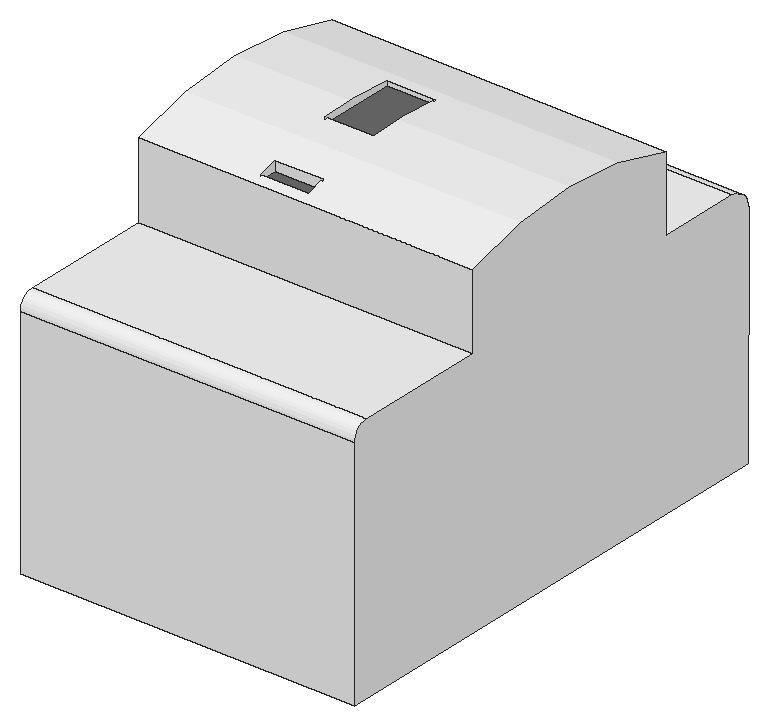
Revit family "Power-ModularDevices-GEWISS-90RCD-BD_4P", category Apparecchi elettrici, host Superficie, Revit 2016
Family settings
  Host = Superficie
  Mantenere orientamento annotazione = Sì
  Tipo di parte = Normale
  Quota connettore circolare = Usa diametro
  Numero OmniClass = 23.80.30.14
  Titolo OmniClass = Power Distribution
  Taglio con vuoti quando caricato = No
  Condiviso = Sì
  Punto di calcolo locali = Sì
Parameters (values of type "GW94586 - ADD-ON RCD 4P IN 63A IMMUN.A/0,03 3,5M")
  Voltaggio = 400 V
  Vista di pianta [instance] = yes
  Version file RFA = "19.0"
  URL = "https://www.gewiss.com/ww/en"
  Type: = "A[IR]"
  Type = "A(IR)"
  Technical sheet = "https://www.gewiss.com/ww/en/search?q=GW94586"
  Stocking temperature = "-40 +70 °C"
  Standard; = "IEC/EN 61009-1 app. G, IEC/EN 61009-2-1 app. G"
  Standard = "EN 61009-1 app. G"
  Spessore = 65 mm
  Section rigid cable = "Max 35 mm²"
  Section flexible cable = "Max 35 mm²"
  SEO = "Add-on RCD"
  Realized by GEWISS S.p.A. = ""
  Rated voltage (IEC/EN 61009-1 app. G, IEC/EN 61009-2-1 app. G) = "400 V"
  Rated voltage = "400V"
  Rated tightening torque = "2 Nm"
  Rated residual operating current = "30 mA"
  Rated insulation voltage (Ui) = "500V"
  Rated impulse withstand voltage = "4KV"
  Rated frequency (Hz) = "50/60 Hz"
  Rated current: = "63A"
  Rated current (In) = "63A"
  Default Elevation = 1219.2 mm
  Produttore = "GEWISS S.p.A."
  Precision = "30 mA"
  Overvoltage category = "III"
  Operating temperature = "-25 +40 °C"
  Numero di poli_ = 3
  Number of poles = "4P"
  No. of poles = "4P"
  No. of modules EN 50022 = "3,5"
  No. modules = "3.5"
  Modello = "GW94586"
  Level of immunity (8/20 Âµs) = "3000A"
  Larghezza = 62.5 mm
  Label = "BD"
  Interuttore = GW - grigio scuro
  Insulation voltage = "500V"
  Immagine tipo = GW94422.jpg
  Idn = "30MA"
  IFC.TypeObject = ""
  IFC.ExportType = ""
  IFC.ExportAs = ""
  IDT = "81288dbc-dadc-492b-b373-efecdfa46d50"
  IDF = "082c326d-ec31-435a-99dd-72dc6559ea0f"
  Finitura = GW - grigio chiaro
  Electrocod = "1412"
  EAN code = "8011564761995"
  Distanza dal piano [instance] = 3 mm
  Descrizione = "ADD-ON RCD 4P IN<63A IMMUN.A/0,03 3,5M"
  Description = "RESIDUAL CURRENT DEVICE"
  Catalogue Range = "90 RCD"
  Catalogue = "POWER"
  Carico apparente = 0 VA
  Parti incassate = yes
  COBie.Tagnumber = ""
  COBie.CreatedOn = ""
  COBie.CreatebBy = ""
  COBie.ComponentRegisterItemID = ""
  COBie.Component.TagNumber = ""
  COBie.Component.Space = ""
  COBie.Component.SerialNumber = ""
  COBie.Component.InstallationDate = ""
  COBie.Component.Description = ""
  COBie.Component.BarCode = ""
  Assembly position: = "Any"
  Altezza = 92 mm
Types (16, lengths in mm): name | URL | Type: | Type | Technical sheet | Rated residual operating current | Rated current: | Rated current (In) | Produttore | Precision | Modello | Level of immunity (8/20 Âµs) | Immagine tipo | Idn | IDT | EAN code | Descrizione
  (no name) | 0 | "" | "" | "" | "" | "" | "" | 0 | "" | 0 | "" | GW94422.jpg | "" | "" | "" | 0
  GW94422 - ADD-ON RCD 4P IN 25A ISTANT.AC/0,03 3,5M | "https://www.gewiss.com/ww/en" | "AC" | "AC" | "https://www.gewiss.com/ww/en/search?q=GW94422" | "30 mA" | "25A" | "25A" | "GEWISS S.p.A." | "30 mA" | "GW94422" | "250A" | GW94422.jpg | "30MA" | "ffda73f9-eb42-4a50-9245-615fd663c5cf" | "8011564061422" | "ADD-ON RCD 4P IN<25A ISTANT.AC/0,03 3,5M"
  GW94423 - ADD-ON RCD 4P IN 25A ISTANT.AC/0,3 3,5M | "https://www.gewiss.com/ww/en" | "AC" | "AC" | "https://www.gewiss.com/ww/en/search?q=GW94423" | "300 mA" | "25A" | "25A" | "GEWISS S.p.A." | "300 mA" | "GW94423" | "250A" | GW94422.jpg | "300MA" | "419da07e-2e95-43cb-9489-5e7763904737" | "8011564061439" | "ADD-ON RCD 4P IN<25A ISTANT.AC/0,3 3,5M"
  GW94424 - ADD-ON RCD 4P IN 25A ISTANT.AC/0,5 3,5M | "https://www.gewiss.com/ww/en" | "AC" | "AC" | "https://www.gewiss.com/ww/en/search?q=GW94424" | "500 mA" | "25A" | "25A" | "GEWISS S.p.A." | "500 mA" | "GW94424" | "250A" | (empty or 0) | "500MA" | "beb09ae4-1140-4aae-9ae5-8d6d0f1a0bfe" | "8011564061446" | "ADD-ON RCD 4P IN<25A ISTANT.AC/0,5 3,5M"
  GW94432 - ADD-ON RCD 4P IN 63A ISTANT.AC/0,03 3,5M | "https://www.gewiss.com/ww/en" | "AC" | "AC" | "https://www.gewiss.com/ww/en/search?q=GW94432" | "30 mA" | "63A" | "63A" | "GEWISS S.p.A." | "30 mA" | "GW94432" | "250A" | GW94422.jpg | "30MA" | "c2d40943-700e-4f5a-a1d4-ed1a95a4ed34" | "8011564061453" | "ADD-ON RCD 4P IN<63A ISTANT.AC/0,03 3,5M"
  GW94433 - ADD-ON RCD 4P IN 63A ISTANT.AC/0,3 3,5M | "https://www.gewiss.com/ww/en" | "AC" | "AC" | "https://www.gewiss.com/ww/en/search?q=GW94433" | "300 mA" | "63A" | "63A" | "GEWISS S.p.A." | "300 mA" | "GW94433" | "250A" | GW94422.jpg | "300MA" | "016e1188-bd65-4d61-885e-c921cca0ae3e" | "8011564061460" | "ADD-ON RCD 4P IN<63A ISTANT.AC/0,3 3,5M"
  GW94434 - ADD-ON RCD 4P IN 63A ISTANT.AC/0,5 3,5M | "https://www.gewiss.com/ww/en" | "AC" | "AC" | "https://www.gewiss.com/ww/en/search?q=GW94434" | "500 mA" | "63A" | "63A" | "GEWISS S.p.A." | "500 mA" | "GW94434" | "250A" | GW94422.jpg | "500MA" | "57abf37f-0558-4ff4-88d9-e1cc1a91d893" | "8011564061484" | "ADD-ON RCD 4P IN<63A ISTANT.AC/0,5 3,5M"
  GW94522 - ADD-ON RCD 4P IN 25A ISTANT.A/0,03 3,5M | "https://www.gewiss.com/ww/en" | "A" | "A" | "https://www.gewiss.com/ww/en/search?q=GW94522" | "30 mA" | "25A" | "25A" | "GEWISS S.p.A." | "30 mA" | "GW94522" | "250A" | GW94422.jpg | "30MA" | "80666be0-f507-47ce-8447-fa477bd4f9cb" | "8011564061644" | "ADD-ON RCD 4P IN<25A ISTANT.A/0,03 3,5M"
  GW94523 - ADD-ON RCD 4P IN 25A ISTANT.A/0,3 3,5M | "https://www.gewiss.com/ww/en" | "A" | "A" | "https://www.gewiss.com/ww/en/search?q=GW94523" | "300 mA" | "25A" | "25A" | "GEWISS S.p.A." | "300 mA" | "GW94523" | "250A" | GW94422.jpg | "300MA" | "a343702c-6ad3-45c6-a17d-1368c22e77af" | "8011564061651" | "ADD-ON RCD 4P IN<25A ISTANT.A/0,3 3,5M"
  GW94524 - ADD-ON RCD 4P IN 25A ISTANT.A/0,5 3,5M | "https://www.gewiss.com/ww/en" | "A" | "A" | "https://www.gewiss.com/ww/en/search?q=GW94524" | "500 mA" | "25A" | "25A" | "GEWISS S.p.A." | "500 mA" | "GW94524" | "250A" | GW94422.jpg | "500MA" | "b1d7fb33-653a-4904-b81f-af647de7c7a0" | "8011564061668" | "ADD-ON RCD 4P IN<25A ISTANT.A/0,5 3,5M"
  GW94532 - ADD-ON RCD 4P IN 63A ISTANT.A/0,03 3,5M | "https://www.gewiss.com/ww/en" | "A" | "A" | "https://www.gewiss.com/ww/en/search?q=GW94532" | "30 mA" | "63A" | "63A" | "GEWISS S.p.A." | "30 mA" | "GW94532" | "250A" | GW94422.jpg | "30MA" | "34abd69e-c9f3-4639-b482-11d9e2ba72c4" | "8011564061675" | "ADD-ON RCD 4P IN<63A ISTANT.A/0,03 3,5M"
  GW94533 - ADD-ON RCD 4P IN 63A ISTANT.A/0,3 3,5M | "https://www.gewiss.com/ww/en" | "A" | "A" | "https://www.gewiss.com/ww/en/search?q=GW94533" | "300 mA" | "63A" | "63A" | "GEWISS S.p.A." | "300 mA" | "GW94533" | "250A" | GW94422.jpg | "300MA" | "ac8216a0-ce5e-44c6-a4f9-3dfed9590aa9" | "8011564061682" | "ADD-ON RCD 4P IN<63A ISTANT.A/0,3 3,5M"
  GW94534 - ADD-ON RCD 4P IN 63A ISTANT.A/0,5 3,5M | "https://www.gewiss.com/ww/en" | "A" | "A" | "https://www.gewiss.com/ww/en/search?q=GW94534" | "500 mA" | "63A" | "63A" | "GEWISS S.p.A." | "500 mA" | "GW94534" | "250A" | GW94422.jpg | "500MA" | "47cd3d39-bc49-41d8-b4b5-0a728f0d1048" | "8011564061699" | "ADD-ON RCD 4P IN<63A ISTANT.A/0,5 3,5M"
  GW94586 - ADD-ON RCD 4P IN 63A IMMUN.A/0,03 3,5M | "https://www.gewiss.com/ww/en" | "A[IR]" | "A(IR)" | "https://www.gewiss.com/ww/en/search?q=GW94586" | "30 mA" | "63A" | "63A" | "GEWISS S.p.A." | "30 mA" | "GW94586" | "3000A" | GW94422.jpg | "30MA" | "81288dbc-dadc-492b-b373-efecdfa46d50" | "8011564761995" | "ADD-ON RCD 4P IN<63A IMMUN.A/0,03 3,5M"
  GW94583 - ADD-ON RCD 4P IN 63A SELECT.A/0,3 3,5M | "https://www.gewiss.com/ww/en" | "A[S]" | "A(S)" | "https://www.gewiss.com/ww/en/search?q=GW94583" | "300 mA" | "63A" | "63A" | "GEWISS S.p.A." | "300 mA" | "GW94583" | "3000A" | GW94422.jpg | "300MA" | "d8d2923f-5af2-4420-9672-73cb07a2e531" | "8011564061729" | "ADD-ON RCD 4P IN<63A SELECT.A/0,3 3,5M"
  GW94585 - ADD-ON RCD 4P IN 63A SELECT.A/1 3,5M | "https://www.gewiss.com/ww/en" | "A[S]" | "A(S)" | "https://www.gewiss.com/ww/en/search?q=GW94585" | "1000 mA" | "63A" | "63A" | "GEWISS S.p.A." | "1000 mA" | "GW94585" | "3000A" | GW94422.jpg | "1000MA" | "8d82b66d-e0fb-47b8-8564-ac084beb9154" | "8011564061750" | "ADD-ON RCD 4P IN<63A SELECT.A/1 3,5M"
Values of the unnamed type that differ from the named types
  Version file RFA = ""
  Stocking temperature = ""
  Standard; = ""
  Standard = ""
  Section rigid cable = ""
  Section flexible cable = ""
  SEO = ""
  Rated voltage (IEC/EN 61009-1 app. G, IEC/EN 61009-2-1 app. G) = ""
  Rated voltage = ""
  Rated tightening torque = ""
  Rated insulation voltage (Ui) = ""
  Rated impulse withstand voltage = ""
  Rated frequency (Hz) = ""
  Overvoltage category = ""
  Operating temperature = ""
  Number of poles = ""
  No. of poles = ""
  No. of modules EN 50022 = ""
  No. modules = ""
  Label = ""
  Insulation voltage = ""
  IDF = ""
  Electrocod = ""
  Description = ""
  Catalogue Range = ""
  Catalogue = ""
  Assembly position: = ""
Reference planes
  plane 1 "Centro (Fronte/Retro)": y = 0
  plane 2: z = 0
  plane 3 "Centro (Sinistra/Destra)": x = 0
  plane 4: x = -31.25
  plane 5: x = 31.25
  plane 6: y = 46
  plane 7: y = -46
  plane 8 "fori": z = -7
  plane 9: y = 12.873
  plane 10: y = -1.504
  plane 11 "scritta": z = 11.026
  plane 12: z = 14.66
  plane 13: z = 9.771
  plane 14: z = 6.888
  plane 15: y = -16.609
  plane 16: y = -13.274
  plane 17: x = -9.843
  plane 18: x = -0.847
  plane 19: y = 26.682
  plane 20: y = -18.318
  plane 21: z = 5.384
  plane 22: z = -53.775
  plane 23: z = -10
Forms (mm)
  Extrusion 1, solid, material "GW - grigio chiaro" <- "Finitura"
    sketch origin (0, 0, 13.225) x (0, 1, 0) y (0, 0, 1)
      loop
        line (42.093, -20.225) -> (26.682, -20.225) -> (26.682, -6.138)
        arc (26.682, -6.138) -> (4.182, -2.199) -> (-18.318, -6.137) r 66.237
        line (-18.318, -6.137) -> (-18.318, -20.225) -> (-43.176, -20.225)
        arc (-43.176, -20.225) -> (-45.173, -21.052) -> (-46, -23.049) r 2.824
        line (-46, -23.049) -> (-46, -67) -> (46, -67) -> (46, -24.132)
        arc (46, -24.132) -> (44.856, -21.369) -> (42.093, -20.225) r 3.907
    from -31.25 to 31.25
  Extrusion 2, void
    sketch origin (0, 0, 11.026) x (0, -1, 0) y (1, 0, 0)
      loop
        line (-12.873, -9.843) -> (1.504, -9.843) -> (1.504, -0.847) -> (-12.873, -0.847) -> (-12.873, -9.843)
    from -15.642 to 3.634
  Extrusion 3, solid, material "GW - grigio scuro" <- "Interuttore"
    sketch origin (0, 0, 11.026) x (0, -1, 0) y (1, 0, 0)
      loop
        line (1.504, -9.843) -> (1.504, -0.847) -> (-12.873, -0.847) -> (-12.873, -9.843) -> (1.504, -9.843)
    from -5.642 to -1.255
  Extrusion 4, void
    sketch origin (0, 0, 11.026) x (0, -1, 0) y (1, 0, 0)
      loop
        line (13.274, -9.843) -> (16.609, -9.843) -> (16.609, -0.847) -> (13.274, -0.847) -> (13.274, -9.843)
    from -5.642 to 3.634
  Extrusion 5, solid, material "GW - grigio scuro" <- "Interuttore"
    sketch origin (0, 0, 11.026) x (0, -1, 0) y (1, 0, 0)
      loop
        line (16.609, -9.843) -> (16.609, -0.847) -> (13.274, -0.847) -> (13.274, -9.843) -> (16.609, -9.843)
    from -5.642 to -4.139
Cuts and joins
  Extrusion 2, Extrusion 4 cuts Extrusion 1
Lines and regions (mm)
  Masking region 1, visible <- "Vista di pianta"
    outline origin (0, 0, 0) x (1, 0, 0) y (0, 0, 1)
      loop
        line (-31.25, -53.775) -> (31.25, -53.775) -> (31.25, 11.026) -> (-31.25, 11.026) -> (-31.25, -53.775)
  Masking region 2, visible <- "Vista di pianta"
    outline origin (0, 0, 0) x (1, 0, 0) y (0, 0, 1)
      loop
        line (-100.278, -22.273) -> (-31.25, -22.273) -> (-31.25, -7) -> (-100.278, -7) -> (-100.278, -22.273)
  symbolic lines, style "InvisibleLines"
    curve 1: line (0, -43.176, -7) -> (0, 42.093, -7)
  model lines
    curve 2: circle (-6.844, -30.866, -7) r 4.53 normal (0, 0, -1)
    curve 3: circle (7.365, -30.866, -7) r 4.53 normal (0, 0, -1)
    curve 4: circle (21.575, -30.866, -7) r 4.53 normal (0, 0, -1)
    curve 5: circle (-21.052, -30.866, -7) r 4.53 normal (0, 0, -1)
    curve 6: circle (-21.052, -30.866, -7) r 4.53 normal (0, 0, -1)
Dimensions and locks
  equal spacing: plane 6, plane 1 "Centro (Fronte/Retro)", plane 7
  equal spacing: plane 4, plane 3 "Centro (Sinistra/Destra)", plane 5
  "Larghezza": plane 4 to plane 5
  "Altezza": plane 6 to plane 7
  Extrusion 3 to plane 3 "Centro (Sinistra/Destra)" = 0.847 mm
  "Distanza dal piano": plane 8 "fori" to plane 23
  plane 8 "fori" to plane 21 to plane 14 to plane 13 = 12.384 mm locked, 1.504 mm locked, 2.884 mm locked
  locked: plane 13 to plane 22 at 63.546
  locked: plane 12 to plane 8 "fori" at 21.66
  locked: plane 11 "scritta" to plane 22 at 64.801
  locked: plane 2 to plane 23 at 10
  aligned and locked: plane 2 to host face
  aligned and locked: level to host face
  aligned and locked: Extrusion 1 to plane 4
  aligned and locked: plane 5 to Extrusion 1
  aligned and locked: Extrusion 1 to Extrusion 1
  aligned and locked: plane 13 to Extrusion 3
  aligned and locked: Extrusion 5 to plane 14
  aligned and locked: nested 1 to plane 3 "Centro (Sinistra/Destra)"
  aligned and locked: nested 1 to plane 6
  aligned and locked: plane 17 to nested 1
  aligned and locked: plane 9 to nested 1
  aligned and locked: plane 10 to nested 1
  aligned and locked: Extrusion 2 to nested 1  (x2)
  aligned and locked: Extrusion 3 to cut or joined group of Extrusion 1, Extrusion 2, Extrusion 4  (x2)
  aligned and locked: plane 19 to nested 1
  aligned and locked: plane 20 to nested 1
  aligned and locked: plane 16 to nested 1
  aligned and locked: plane 15 to nested 1
  aligned and locked: Extrusion 4 to plane 15
  aligned and locked: plane 21 to Extrusion 5
  aligned and locked: plane 21 to cut or joined group of Extrusion 1, Extrusion 2, Extrusion 4
  aligned and locked: plane 14 to Extrusion 5
  aligned and locked: Extrusion 3 to plane 13
  aligned and locked: plane 22 to cut or joined group of Extrusion 1, Extrusion 2, Extrusion 4
  aligned and locked: cut or joined group of Extrusion 1, Extrusion 2, Extrusion 4 to plane 8 "fori"  (x5)
  aligned and locked: plane 8 "fori" to curve 1
  aligned and locked: plane 12 to Extrusion 2
  aligned and locked: plane 21 to Extrusion 3
  aligned and locked: Extrusion 5 to plane 21  (x2)
  aligned and locked: Extrusion 2 to Extrusion 4
  aligned and locked: Masking region 1 sketch curve to cut or joined group of Extrusion 1, Extrusion 2, Extrusion 4
  aligned and locked: Masking region 1 sketch curve to plane 11 "scritta"
  aligned and locked: cut or joined group of Extrusion 1, Extrusion 2, Extrusion 4 to Masking region 1 sketch curve
  aligned and locked: cut or joined group of Extrusion 1, Extrusion 2, Extrusion 4 to Masking region 2 sketch curve
  aligned and locked: Masking region 1 to plane 22
  aligned and locked: Masking region 1 to plane 11 "scritta"
  aligned and locked: Masking region 2 to plane 8 "fori"
Automatic sketch dimensions
  host sketch curve to host sketch curve = 2438.4 mm  (x2)
  plane 7 to curve 1 = 2.824 mm
  curve 1 to plane 6 = 3.907 mm
  curve 5 to curve 6 = 0 mm  (x2)
  curve 4 to plane 5 = 9.675 mm
  curve 4 to plane 20 = 12.549 mm
  curve 3 to plane 20 = 12.549 mm
  curve 2 to plane 18 = 5.996 mm
  curve 2 to plane 20 = 12.549 mm
  curve 6 to plane 20 = 12.549 mm
  curve 5 to plane 17 = 11.21 mm
  plane 9 to Extrusion 2 sketch curve = 0 mm
  plane 10 to Extrusion 2 sketch curve = 0 mm
  Extrusion 2 sketch curve to plane 17 = 0 mm
  Extrusion 2 sketch curve to plane 18 = 0 mm
  plane 9 to Extrusion 3 sketch curve = 0 mm
  plane 10 to Extrusion 3 sketch curve = 0 mm
  Extrusion 3 sketch curve to plane 17 = 0 mm
  Extrusion 3 sketch curve to plane 18 = 0 mm
  Extrusion 4 sketch curve to plane 16 = 0 mm
  Extrusion 4 sketch curve to plane 15 = 0 mm
  Extrusion 4 sketch curve to plane 17 = 0 mm
  Extrusion 4 sketch curve to plane 18 = 0 mm
  Extrusion 5 sketch curve to plane 16 = 0 mm
  Extrusion 5 sketch curve to plane 15 = 0 mm
  Extrusion 5 sketch curve to plane 17 = 0 mm
  Extrusion 5 sketch curve to plane 18 = 0 mm
  plane 22 to Masking region 1 sketch curve = 0 mm
  Masking region 2 sketch curve to plane 4 = 0 mm
  plane 8 "fori" to Masking region 2 sketch curve = 15.273 mm
  Masking region 2 sketch curve to plane 4 = 69.028 mm
  Extrusion 1 sketch curve to plane 7 = 0 mm
  plane 8 "fori" to Extrusion 1 sketch curve = 0 mm  (x2)
  Extrusion 1 sketch curve to plane 20 = 0 mm
  Extrusion 1 sketch curve to plane 19 = 0 mm
  Extrusion 1 sketch curve to plane 6 = 0 mm
  Extrusion 1 sketch curve to plane 22 = 0 mm
  Extrusion 1 sketch curve to Extrusion 1 sketch curve = 2.824 mm
  Extrusion 1 sketch curve to plane 22 = 1.436 mm
  Extrusion 1 sketch curve to plane 1 "Centro (Fronte/Retro)" = 4.182 mm
  Extrusion 1 sketch curve to plane 6 = 3.907 mm
  Extrusion 1 sketch curve to plane 14 = 0.2 mm
  plane 3 "Centro (Sinistra/Destra)" to curve 3 = 7.365 mm
  radius of curve 6 = 4.53 mm
  radius of curve 3 = 4.53 mm
  radius of curve 4 = 4.53 mm
  radius of curve 2 = 4.53 mm
  radius of curve 5 = 4.53 mm
Nested families
  nested 1: "BD BLOCCO DIFF 4P" at (0, 2.333, 11.026) x (1, 0, 0) z (0, 0, -1), Bidimensionale completo <- "Parti incassate", type "BIDIMENSIONALE"
    with Bidimensionale completo yes
Definition of nested family "BD BLOCCO DIFF 4P"
  Parameters (values of type "BIDIMENSIONALE")
    Bidimensionale completo [instance] = yes
  Reference planes
    plane 1 "Centro (Fronte/Retro)": y = 0
    plane 2: z = 0
    plane 3 "Centro (Sinistra/Destra)": x = 0
    plane 4: y = 43.667
    plane 5: y = -48.333
  Lines and regions (mm)
    model lines, in view "Livello rif.", visible <- "Bidimensionale completo"
      curve 1: line (-31.25, 43.667, 0) -> (31.25, 43.667, 0)
      curve 3: line (-31.25, -46.356, 0) -> (31.25, -46.356, 0)
      curve 29: line (-31.25, -40.261, 0) -> (-82.884, -40.261, 0)
      curve 30: line (31.25, -48.333, 0) -> (-82.884, -48.333, 0)
      curve 33: line (31.25, -48.333, 0) -> (31.25, -46.356, 0)
      curve 37: line (-82.884, -40.261, 0) -> (-82.884, -48.333, 0)
      curve 38: line (-78.239, -33.105, 0) -> (-78.57, -40.261, 0)
      curve 39: line (-69.982, -33.072, 0) -> (-71.41, -31.728, 0)
      curve 40: line (-69.982, -33.072, 0) -> (-69.551, -40.261, 0)
      curve 41: line (-76.809, -31.728, 0) -> (-78.239, -33.105, 0)
      curve 42: line (-76.809, -31.728, 0) -> (-71.41, -31.728, 0)
      curve 47: line (-44.019, -33.104, 0) -> (-44.351, -40.261, 0)
      curve 48: line (-35.763, -33.072, 0) -> (-37.191, -31.728, 0)
      curve 49: line (-35.763, -33.072, 0) -> (-35.329, -40.261, 0)
      curve 50: line (-42.591, -31.728, 0) -> (-44.019, -33.104, 0)
      curve 51: line (-42.591, -31.728, 0) -> (-37.191, -31.728, 0)
      curve 59: line (-60.845, -33.157, 0) -> (-61.176, -40.261, 0)
      curve 60: line (-52.589, -33.125, 0) -> (-54.018, -31.78, 0)
      curve 61: line (-52.589, -33.125, 0) -> (-52.162, -40.261, 0)
      curve 62: line (-59.416, -31.78, 0) -> (-60.845, -33.157, 0)
      curve 63: line (-59.416, -31.78, 0) -> (-54.018, -31.78, 0)
    model lines, in view "Livello rif."
      curve 2: line (-31.25, 24.349, 0) -> (-31.25, -20.651, 0)
      curve 36: line (31.25, 24.349, 0) -> (31.25, -20.651, 0)
      curve 75: line (-31.25, 24.349, 0) -> (31.25, 24.349, 0)
      curve 76: line (-31.25, -20.651, 0) -> (31.25, -20.651, 0)
    model lines, in view "Livello rif.", visible <- "Bidimensionale completo", detail levels medium+fine
      curve 4: line (-32.454, 35.248, 0) -> (-32.454, 31.927, 0)
      curve 5: line (-32.454, 35.248, 0) -> (-31.25, 35.248, 0)
      curve 6: line (-32.454, 31.927, 0) -> (-31.25, 31.927, 0)
      curve 13: line (-26.053, 46.184, 0) -> (-37.317, 46.184, 0)
      curve 14: line (-26.053, 46.184, 0) -> (-26.01, 43.667, 0)
      curve 15: line (-37.317, 46.184, 0) -> (-37.389, 43.209, 0)
      curve 16: line (-36.424, 43.209, 0) -> (-37.389, 43.209, 0)
      curve 17: line (-36.424, 43.209, 0) -> (-34.921, 37.669, 0)
      curve 18: line (-34.921, 37.669, 0) -> (-33.339, 39.175, 0)
      curve 19: line (-33.339, 39.175, 0) -> (-34.059, 39.913, 0)
      curve 20: line (-34.059, 39.913, 0) -> (-34.204, 43.797, 0)
      curve 21: line (-30.083, 43.797, 0) -> (-34.204, 43.797, 0)
      curve 22: line (-26.041, -51.705, 0) -> (-26.041, -48.333, 0)
      curve 23: line (-26.041, -51.705, 0) -> (-31.218, -51.742, 0)
      curve 24: line (-31.218, -51.742, 0) -> (-31.218, -48.333, 0)
      curve 25: line (-29.654, -50.826, 0) -> (-29.654, -48.333, 0)
      curve 26: line (-27.716, -50.813, 0) -> (-27.716, -48.333, 0)
      curve 27: line (-27.716, -50.813, 0) -> (-29.654, -50.826, 0)
      curve 28: line (-31.949, -48.333, 0) -> (-31.949, -52.959, 0)
      curve 31: line (-31.949, -52.959, 0) -> (-33.56, -52.959, 0)
      curve 32: line (-33.56, -52.959, 0) -> (-33.56, -48.333, 0)
      curve 34: line (-19.596, -48.333, 0) -> (-19.596, -46.356, 0)
      curve 35: line (-24.556, -48.333, 0) -> (-24.556, -46.356, 0)
      curve 43: line (-80.089, -38.664, 0) -> (-78.496, -38.664, 0)
      curve 44: line (-69.647, -38.664, 0) -> (-68.318, -38.664, 0)
      curve 45: line (-68.318, -38.664, 0) -> (-67.436, -40.261, 0)
      curve 46: line (-80.089, -38.664, 0) -> (-80.938, -40.261, 0)
      curve 52: line (-45.871, -38.664, 0) -> (-44.277, -38.664, 0)
      curve 53: line (-35.426, -38.664, 0) -> (-34.099, -38.664, 0)
      curve 54: line (-34.099, -38.664, 0) -> (-33.217, -40.261, 0)
      curve 55: line (-45.871, -38.664, 0) -> (-46.718, -40.261, 0)
      curve 56: line (-59.416, -29.268, 0) -> (-54.143, -29.268, 0)
      curve 57: line (-59.416, -29.268, 0) -> (-59.416, -31.78, 0)
      curve 58: line (-54.143, -29.268, 0) -> (-54.143, -31.78, 0)
      curve 64: line (-62.695, -38.716, 0) -> (-61.104, -38.716, 0)
      curve 65: line (-52.254, -38.716, 0) -> (-50.728, -38.716, 0)
      curve 66: line (-50.925, -38.716, 0) -> (-50.043, -40.314, 0)
      curve 67: line (-62.695, -38.716, 0) -> (-63.516, -40.261, 0)
      curve 68: line (-62.695, -38.716, 0) -> (-62.695, -35.669, 0)
      curve 69: line (-62.695, -35.669, 0) -> (-60.962, -35.669, 0)
      curve 70: line (-52.481, -35.669, 0) -> (-50.728, -35.669, 0)
      curve 71: line (-50.728, -38.716, 0) -> (-50.728, -35.669, 0)
      curve 72: line (-58.269, -31.177, 0) -> (-55.221, -31.177, 0)
      curve 73: line (-55.221, -31.177, 0) -> (-55.221, -31.78, 0)
      curve 74: line (-58.269, -31.177, 0) -> (-58.269, -31.78, 0)
      curve 84: line (-9.843, -25.526, 0) -> (-0.847, -25.526, 0)
      curve 85: line (-9.843, -22.501, 0) -> (-0.847, -22.501, 0)
      curve 86: line (-0.847, -22.501, 0) -> (-0.847, -25.526, 0)
      curve 87: line (-9.843, -22.501, 0) -> (-9.843, -25.526, 0)
      curve 90: line (-30.108, 46.124, 0) -> (-30.081, 43.667, 0)
      curve 91: line (-33.645, 46.184, 0) -> (-33.701, 43.797, 0)
      curve 92: line (-18.24, -37.729, 0) -> (-22.769, -33.2, 0)
      curve 93: line (-13.712, -33.2, 0) -> (-18.24, -37.729, 0)
      curve 94: line (-18.24, -28.67, 0) -> (-13.712, -33.2, 0)
      curve 95: line (-22.769, -33.2, 0) -> (-18.24, -28.67, 0)
      curve 96: line (-4.031, -37.729, 0) -> (-8.56, -33.2, 0)
      curve 97: line (0.498, -33.2, 0) -> (-4.031, -37.729, 0)
      curve 98: line (-4.031, -28.67, 0) -> (0.498, -33.2, 0)
      curve 99: line (-8.56, -33.2, 0) -> (-4.031, -28.67, 0)
      curve 100: line (-4.031, -36.536, 0) -> (-7.367, -33.2, 0)
      curve 101: line (-0.695, -33.2, 0) -> (-4.031, -36.536, 0)
      curve 102: line (-4.031, -29.863, 0) -> (-0.695, -33.2, 0)
      curve 103: line (-7.367, -33.2, 0) -> (-4.031, -29.863, 0)
      curve 104: line (-5.813, -36.021, 0) -> (-4.051, -34.261, 0)
      curve 105: line (-3.012, -33.219, 0) -> (-1.209, -31.419, 0)
      curve 106: line (-6.852, -34.979, 0) -> (-5.093, -33.219, 0)
      curve 107: line (-4.051, -32.179, 0) -> (-2.251, -30.377, 0)
      curve 108: line (-1.217, -35.015, 0) -> (-3.012, -33.219, 0)
      curve 109: line (-4.051, -32.179, 0) -> (-5.82, -30.413, 0)
      curve 110: line (-2.257, -36.056, 0) -> (-4.051, -34.261, 0)
      curve 111: line (-5.093, -33.219, 0) -> (-6.86, -31.453, 0)
      curve 112: line (-18.24, -37.729, 0) -> (-22.769, -33.2, 0)
      curve 113: line (-13.712, -33.2, 0) -> (-18.24, -37.729, 0)
      curve 114: line (-18.24, -28.67, 0) -> (-13.712, -33.2, 0)
      curve 115: line (-22.769, -33.2, 0) -> (-18.24, -28.67, 0)
      curve 116: line (10.177, -37.729, 0) -> (5.649, -33.2, 0)
      curve 117: line (14.706, -33.2, 0) -> (10.177, -37.729, 0)
      curve 118: line (10.177, -28.67, 0) -> (14.706, -33.2, 0)
      curve 119: line (5.649, -33.2, 0) -> (10.177, -28.67, 0)
      curve 120: line (24.387, -37.729, 0) -> (19.858, -33.2, 0)
      curve 121: line (28.915, -33.2, 0) -> (24.387, -37.729, 0)
      curve 122: line (24.387, -28.67, 0) -> (28.915, -33.2, 0)
      curve 123: line (19.858, -33.2, 0) -> (24.387, -28.67, 0)
      curve 124: line (24.387, -36.536, 0) -> (21.051, -33.2, 0)
      curve 125: line (27.724, -33.2, 0) -> (24.387, -36.536, 0)
      curve 126: line (24.387, -29.863, 0) -> (27.724, -33.2, 0)
      curve 127: line (21.051, -33.2, 0) -> (24.387, -29.863, 0)
      curve 128: line (22.606, -36.021, 0) -> (24.366, -34.261, 0)
      curve 129: line (25.406, -33.219, 0) -> (27.208, -31.419, 0)
      curve 130: line (21.565, -34.979, 0) -> (23.326, -33.219, 0)
      curve 131: line (24.366, -32.179, 0) -> (26.167, -30.377, 0)
      curve 132: line (27.2, -35.015, 0) -> (25.406, -33.219, 0)
      curve 133: line (24.366, -32.179, 0) -> (22.599, -30.413, 0)
      curve 134: line (26.161, -36.056, 0) -> (24.366, -34.261, 0)
      curve 135: line (23.326, -33.219, 0) -> (21.557, -31.453, 0)
      curve 136: line (10.177, -37.729, 0) -> (5.649, -33.2, 0)
      curve 137: line (14.706, -33.2, 0) -> (10.177, -37.729, 0)
      curve 138: line (10.177, -28.67, 0) -> (14.706, -33.2, 0)
      curve 139: line (5.649, -33.2, 0) -> (10.177, -28.67, 0)
      curve 140: line (10.177, -36.536, 0) -> (6.841, -33.2, 0)
      curve 141: line (13.515, -33.2, 0) -> (10.177, -36.536, 0)
      curve 142: line (10.177, -29.863, 0) -> (13.515, -33.2, 0)
      curve 143: line (6.841, -33.2, 0) -> (10.177, -29.863, 0)
      curve 144: line (8.397, -36.021, 0) -> (10.157, -34.261, 0)
      curve 145: line (11.198, -33.219, 0) -> (12.999, -31.419, 0)
      curve 146: line (7.356, -34.979, 0) -> (9.116, -33.219, 0)
      curve 147: line (10.157, -32.179, 0) -> (11.959, -30.377, 0)
      curve 148: line (12.993, -35.015, 0) -> (11.198, -33.219, 0)
      curve 149: line (10.157, -32.179, 0) -> (8.39, -30.413, 0)
      curve 150: line (11.951, -36.056, 0) -> (10.157, -34.261, 0)
      curve 151: line (9.116, -33.219, 0) -> (7.348, -31.453, 0)
    model lines, in view "Livello rif.", detail levels medium+fine
      curve 7: line (-35.649, -13.347, 0) -> (-35.649, -16.666, 0)
      curve 8: line (-35.649, -13.347, 0) -> (-31.361, -13.347, 0)
      curve 9: line (-35.649, -16.666, 0) -> (-31.402, -16.666, 0)
      curve 10: line (-34.135, 4.729, 0) -> (-34.135, 1.408, 0)
      curve 11: line (-34.135, 4.729, 0) -> (-31.25, 4.729, 0)
      curve 12: line (-34.135, 1.408, 0) -> (-31.25, 1.408, 0)
      curve 77: line (-9.843, -18.942, 0) -> (-0.847, -18.942, 0)
      curve 78: line (-9.843, -3.837, 0) -> (-0.847, -3.837, 0)
      curve 79: line (-9.843, 10.54, 0) -> (-0.847, 10.54, 0)
      curve 80: line (-0.847, 10.54, 0) -> (-0.847, -3.837, 0)
      curve 81: line (-0.847, -15.607, 0) -> (-0.847, -18.942, 0)
      curve 82: line (-9.843, 10.54, 0) -> (-9.843, -3.837, 0)
      curve 83: line (-9.843, -15.607, 0) -> (-9.843, -18.942, 0)
      curve 88: line (-5.345, -15.607, 0) -> (-0.847, -15.607, 0)
      curve 89: line (-9.843, -15.607, 0) -> (-5.345, -15.607, 0)
    detail lines, in view "Livello rif.", detail levels medium+fine
      curve 152: line (-27.678, -17.456, 0) -> (-27.678, -19.65, 0)
      curve 153: line (-27.678, -19.65, 0) -> (-28.413, -19.65, 0)
      curve 154: line (-28.413, -19.65, 0) -> (-28.839, -19.597, 0)
      curve 155: line (-28.839, -19.597, 0) -> (-29.361, -19.366, 0)
      curve 156: line (-29.361, -19.366, 0) -> (-29.775, -18.981, 0)
      curve 157: line (-29.775, -18.981, 0) -> (-30.05, -18.463, 0)
      curve 158: line (-30.05, -18.463, 0) -> (-30.135, -17.911, 0)
      curve 159: line (-30.135, -17.911, 0) -> (-30.052, -17.402, 0)
      curve 160: line (-30.052, -17.402, 0) -> (-29.832, -16.953, 0)
      curve 161: line (-29.832, -16.953, 0) -> (-29.437, -16.544, 0)
      curve 162: line (-29.437, -16.544, 0) -> (-28.958, -16.295, 0)
      curve 163: line (-28.958, -16.295, 0) -> (-28.42, -16.206, 0)
      curve 164: line (-28.42, -16.206, 0) -> (-27.678, -16.206, 0)
      curve 165: line (-27.678, -16.206, 0) -> (-27.678, -17.153, 0)
      curve 166: line (-27.678, -17.153, 0) -> (-28.927, -17.153, 0)
      curve 167: line (-28.927, -17.153, 0) -> (-28.927, -18.704, 0)
      curve 168: line (-28.927, -18.704, 0) -> (-28.622, -18.704, 0)
      curve 169: line (-28.622, -18.704, 0) -> (-28.622, -17.456, 0)
      curve 170: line (-28.622, -17.456, 0) -> (-27.678, -17.456, 0)
      curve 171: line (-24.707, -19.65, 0) -> (-27.375, -19.65, 0)
      curve 172: line (-27.375, -19.65, 0) -> (-27.375, -16.206, 0)
      curve 173: line (-27.375, -16.206, 0) -> (-25.956, -16.206, 0)
      curve 174: line (-25.956, -16.206, 0) -> (-25.956, -17.153, 0)
      curve 175: line (-25.956, -17.153, 0) -> (-26.429, -17.153, 0)
      curve 176: line (-26.429, -17.153, 0) -> (-26.429, -17.455, 0)
      curve 177: line (-26.429, -17.455, 0) -> (-24.707, -17.455, 0)
      curve 178: line (-24.707, -17.455, 0) -> (-24.707, -18.402, 0)
      curve 179: line (-24.707, -18.402, 0) -> (-26.429, -18.402, 0)
      curve 180: line (-26.429, -18.402, 0) -> (-26.429, -18.704, 0)
      curve 181: line (-26.429, -18.704, 0) -> (-24.707, -18.704, 0)
      curve 182: line (-24.707, -18.704, 0) -> (-24.707, -19.65, 0)
      curve 183: line (-19.882, -19.65, 0) -> (-19.882, -17.455, 0)
      curve 184: line (-19.882, -17.455, 0) -> (-20.828, -17.455, 0)
      curve 185: line (-20.828, -17.455, 0) -> (-20.828, -19.65, 0)
      curve 186: line (-20.828, -19.65, 0) -> (-19.882, -19.65, 0)
      curve 187: line (-23.051, -19.65, 0) -> (-22.767, -18.231, 0)
      curve 188: line (-22.767, -18.231, 0) -> (-22.484, -19.65, 0)
      curve 189: line (-22.484, -19.65, 0) -> (-21.538, -19.65, 0)
      curve 190: line (-21.538, -19.65, 0) -> (-20.951, -17.153, 0)
      curve 191: line (-20.951, -17.153, 0) -> (-19.882, -17.153, 0)
      curve 192: line (-19.882, -17.153, 0) -> (-19.882, -16.206, 0)
      curve 193: line (-19.882, -16.206, 0) -> (-21.698, -16.206, 0)
      curve 194: line (-21.698, -16.206, 0) -> (-22.039, -17.663, 0)
      curve 195: line (-22.039, -17.663, 0) -> (-22.275, -16.206, 0)
      curve 196: line (-22.275, -16.206, 0) -> (-23.259, -16.206, 0)
      curve 197: line (-23.259, -16.206, 0) -> (-23.496, -17.663, 0)
      curve 198: line (-23.496, -17.663, 0) -> (-23.837, -16.206, 0)
      curve 199: line (-23.837, -16.206, 0) -> (-25.653, -16.206, 0)
      curve 200: line (-25.653, -16.206, 0) -> (-25.653, -17.153, 0)
      curve 201: line (-25.653, -17.153, 0) -> (-24.584, -17.153, 0)
      curve 202: line (-24.584, -17.153, 0) -> (-23.999, -19.65, 0)
      curve 203: line (-23.999, -19.65, 0) -> (-23.051, -19.65, 0)
      curve 204: line (-16.911, -16.206, 0) -> (-19.579, -16.206, 0)
      curve 205: line (-19.579, -16.206, 0) -> (-19.579, -18.401, 0)
      curve 206: line (-19.579, -18.401, 0) -> (-17.857, -18.401, 0)
      curve 207: line (-17.857, -18.401, 0) -> (-17.857, -18.704, 0)
      curve 208: line (-17.857, -18.704, 0) -> (-19.579, -18.704, 0)
      curve 209: line (-19.579, -18.704, 0) -> (-19.579, -19.65, 0)
      curve 210: line (-19.579, -19.65, 0) -> (-16.911, -19.65, 0)
      curve 211: line (-16.911, -19.65, 0) -> (-16.911, -17.455, 0)
      curve 212: line (-16.911, -17.455, 0) -> (-18.633, -17.455, 0)
      curve 213: line (-18.633, -17.455, 0) -> (-18.633, -17.153, 0)
      curve 214: line (-18.633, -17.153, 0) -> (-16.911, -17.153, 0)
      curve 215: line (-16.911, -17.153, 0) -> (-16.911, -16.206, 0)
      curve 216: line (-16.608, -16.206, 0) -> (-16.608, -18.401, 0)
      curve 217: line (-16.608, -18.401, 0) -> (-15.003, -18.401, 0)
      curve 218: line (-15.003, -18.401, 0) -> (-15.003, -18.704, 0)
      curve 219: line (-15.003, -18.704, 0) -> (-16.608, -18.704, 0)
      curve 220: line (-16.608, -18.704, 0) -> (-16.608, -19.65, 0)
      curve 221: line (-16.608, -19.65, 0) -> (-15.662, -19.65, 0)
      curve 222: line (-15.662, -19.65, 0) -> (-15.116, -19.475, 0)
      curve 223: line (-15.116, -19.475, 0) -> (-14.763, -19.245, 0)
      curve 224: line (-14.763, -19.245, 0) -> (-14.36, -18.749, 0)
      curve 225: line (-14.36, -18.749, 0) -> (-14.172, -18.194, 0)
      curve 226: line (-14.172, -18.194, 0) -> (-14.166, -17.701, 0)
      curve 227: line (-14.166, -17.701, 0) -> (-14.218, -17.455, 0)
      curve 228: line (-14.218, -17.455, 0) -> (-15.662, -17.455, 0)
      curve 229: line (-15.662, -17.455, 0) -> (-15.662, -17.153, 0)
      curve 230: line (-15.662, -17.153, 0) -> (-14.347, -17.153, 0)
      curve 231: line (-14.347, -17.153, 0) -> (-14.518, -16.867, 0)
      curve 232: line (-14.518, -16.867, 0) -> (-14.764, -16.612, 0)
      curve 233: line (-14.764, -16.612, 0) -> (-15.106, -16.387, 0)
      curve 234: line (-15.106, -16.387, 0) -> (-15.464, -16.256, 0)
      curve 235: line (-15.464, -16.256, 0) -> (-15.866, -16.206, 0)
      curve 236: line (-15.866, -16.206, 0) -> (-16.608, -16.206, 0)
    detail lines, in view "Livello rif.", visible <- "Bidimensionale completo"
      curve 237: line (31.25, 43.667, 0) -> (31.25, 24.349, 0)
      curve 238: line (31.25, -20.651, 0) -> (31.25, -48.333, 0)
      curve 239: line (-31.25, 43.667, 0) -> (-31.25, 24.349, 0)
      curve 240: line (-31.25, -20.651, 0) -> (-31.25, -48.333, 0)
  Dimensions and locks
    aligned and locked: plane 4 to curve 1
